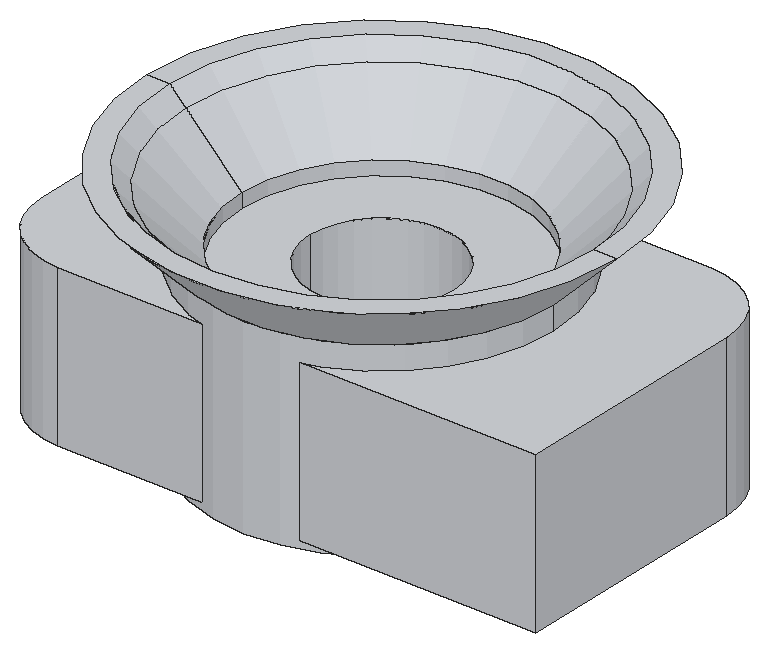
Revit family "CN6", category Generic Models, Revit 2017
Family settings
  Can host rebar = No
  Round Connector Dimension = Use Diameter
  Part Type = Normal
  Work Plane-Based = Yes
  Always vertical = No
  Cut with Voids When Loaded = No
  Shared = No
  Room Calculation Point = No
Parameters (values of type "NBS Standard Parameters")
  Weight = "0.0417Kg"
  WarrantyStartDate [instance] = "1900-12-31T23:59:59"
  WarrantyGuarantorParts = "n/a"
  WarrantyGuarantorLabor = "n/a"
  WarrantyDurationUnit = "1 year"
  WarrantyDurationParts = "n/a"
  WarrantyDurationLabor = "n/a"
  WarrantyDescription = "n/a"
  Version = "1"
  Uniclass2 = "Pr_65_70_11_19"
  TagNumber [instance] = "n/a"
  SustainabilityPerformance = "n/a"
  Size = "M6"
  Shape = "Rectangular"
  SerialNumber [instance] = "n/a"
  Revision = "n/a"
  ReplacementCost = "n/a"
  ProductInformation = "www.metpro.co.uk/pdf/cn6.pdf"
  NominalWidth = 19.5 mm
  NominalLength = 34.5 mm
  NominalHeight = 17 mm
  Name = ""
  NBSTypeID = ""
  NBSReference = "90-55-10/305"
  NBSOfficeMasterTag = ""
  NBSNote = ""
  NBSDescription = "Channel Cable Supports"
  NBSCertification = ""
  ModelReference = "CN6"
  ModelNumber = "n/a"
  Material = "Nut- Steel / Captive Assembly - Nylon 6"
  ManufacturerURL = "www.metpro.co.uk"
  ManufacturerName = "Metpro Ltd"
  Keynote = "Produced to Comply with Requirements of BS6946 Metal Channel Support  Systems"
  InstallationDate [instance] = "1900-12-31T23:59:59"
  IfcExportType = ""
  IfcExportAs = ""
  Grade = "n/a"
  Finish = "BZP -Nut Only"
  Features = "n/a"
  ExpectedLife = "n/a"
  DurationUnit = "year"
  Description = "CN6- M6 Easyfit Channel Nut C/W Nylon Captive Assembly"
  Default Elevation = 1219.2 mm
  Constituents = "n/a"
  Color = "n/a"
  CodePerformance = "n/a"
  Category = "n/a"
  BarCode [instance] = "n/a"
  BIMObjectName = "Metpro_metprolibrary_channelcablesupports_channelspringnut_easynut"
  Author = "Metpro limited"
  AssetType = ""
  AssetIdentifier [instance] = "n/a"
  AccessibilityPerformance = "n/a"
Reference planes
  plane 1 "Center (Front/Back)": y = 0
  plane 2: z = 0
  plane 3 "Center (Left/Right)": x = 0
Forms (mm)
  Extrusion 1, solid
    sketch origin (0, 0, 0) x (1, 0, 0) y (0, 1, 0)
      loop
        line (-17.09, 9.685) -> (-17.09, -5.315)
        arc (-17.09, -5.315) -> (-15.625, -8.851) -> (-12.09, -10.315) r 5
        line (-12.09, -10.315) -> (17.91, -10.315) -> (17.91, 4.685)
        arc (17.91, 4.685) -> (16.446, 8.22) -> (12.91, 9.685) r 5
        line (12.91, 9.685) -> (-17.09, 9.685)
      loop
        circle (0, 0) r 4.5
    from 0 to 10
  Revolve 2, solid
    sketch origin (0, 0, 0) x (1, 0, 0) y (0, 0, 1)
      loop
        line (-14.75, 15.395) -> (-10.803, 11.449) -> (-10.803, -0.489) -> (-8.8, -0.489) -> (-8.8, 10.86) -> (-12.336, 14.395) -> (-13.336, 15.395) -> (-14.75, 15.395)
      axis (0, 15.395) -> (0, -0.489)
    angle from 0 to 360
Dimensions and locks
  aligned and locked: level to plane 2
